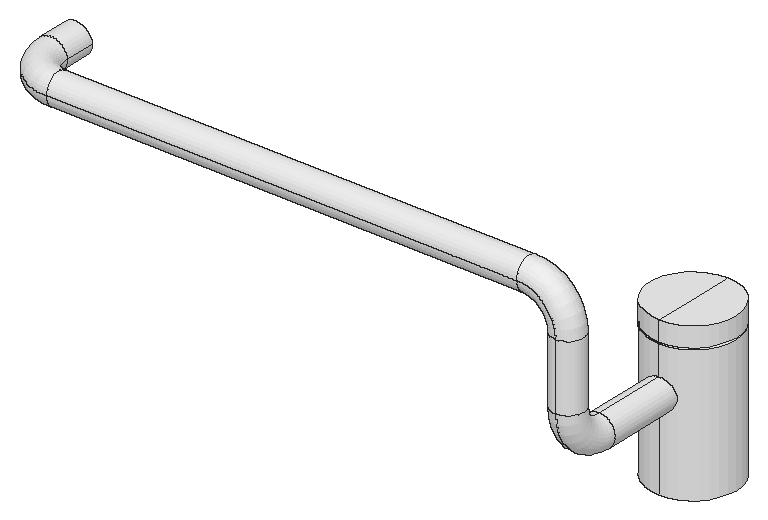
Revit family "Toilet Roll Holder-Single-Caroma Titan", category Specialty Equipment, host Face, Revit 2013
Parameters (values of type "Standard")
  URL = "http://www.caroma.com.au/"
  Type Comments = "Caroma Titan Toilet Roll Holder"  # constant formula
  Model = "99013SS"  # constant formula
  Material_ANZRS = Metal-Chrome-Caroma
  Manufacturer = "GWA Bathrooms & Kitchens"  # constant formula
  Length_ANZRS = 155 mm  # constant formula
  Description = ""
  Default Elevation = 500 mm
  CreatedBy_ANZRS = "Design Content"  # constant formula
  CreatedByURL_ANZRS = "www.designcontent.com.au"
  Cost = 0
  Assembly Code = "C1030200"
Reference planes
  plane 1 "Center (Elevation)": y = 0
  plane 2 "Back": z = 0
  plane 3 "Center (Left/Right)": x = 0
  plane 4 "Left": x = -144
  plane 5 "Right": x = 11
  plane 6 "Top": y = 11
  plane 7 "Bottom": y = -44
  plane 8 "Front": z = 64
  plane 9 "Plane 1": y = -40
  plane 10 "Plane 2": z = 60
Forms (mm)
  Revolve 1, solid, material "Metal-Chrome-Caroma" <- "Material_ANZRS"
    sketch origin (0, 0, 0) x (0, 1, 0) y (0, 0, 1)
      loop
        line (0, 0) -> (11, 0) -> (11, 34.5) -> (8.649, 34.5) -> (8.649, 36.5) -> (0, 36.5) -> (0, 0)
      axis (0, 36.5) -> (0, 0)
    angle from 0 to 360
  Revolve 2, solid, material "Metal-Chrome-Caroma" <- "Material_ANZRS"
    sketch origin (0, 0, 0) x (0, 1, 0) y (0, 0, 1)
      loop
        line (11, 40) -> (0, 40) -> (0, 35) -> (11, 35) -> (11, 40)
      axis (0, 40) -> (0, 35)
    angle from 0 to 360
  Sweep 3, solid, material "Metal-Chrome-Caroma" <- "Material_ANZRS"
    path in 3D
      loop
        line (0, 0, 23) -> (0, -30, 23)
        arc (0, -30, 23) -> (0, -37.071, 25.929) -> (0, -40, 33) r 10
        line (0, -40, 33) -> (0, -40, 50)
        arc (0, -40, 50) -> (-2.929, -40, 57.071) -> (-10, -40, 60) r 10
        line (-10, -40, 60) -> (-130, -40, 60)
        arc (-130, -40, 60) -> (-137.071, -37.071, 60) -> (-140, -30, 60) r 10
        line (-140, -30, 60) -> (-140, -22, 60)
    profile origin (0, -15, 23) x (0, 0, -1) y (1, 0, 0)
      loop
        circle (0, 0) r 4
Cuts and joins
  joined: Revolve 1, Revolve 2, Sweep 3
Lines and regions (mm)
  model lines
    curve 1: line (0, 0, 23) -> (0, -30, 23)
    curve 2: line (0, -40, 33) -> (0, -40, 50)
    curve 3: arc (0, -30, 23) -> (0, -37.071, 25.929) -> (0, -40, 33) r 10
    curve 4: line (-9.993, -40, 60) -> (-130, -40, 60)
    curve 5: arc (0, -40, 50) -> (-2.929, -40, 57.071) -> (-10, -40, 60) r 10
    curve 6: arc (-130, -40, 60) -> (-137.071, -37.071, 60) -> (-140, -30, 60) r 10
    curve 7: line (-140, -30, 60) -> (-140, -22, 60)
  sketch lines
    curve 8: line (0, 0, 23) -> (0, -30, 23)
    curve 9: arc (0, -30, 23) -> (0, -37.071, 25.929) -> (0, -40, 33) r 10
    curve 10: line (0, -40, 33) -> (0, -40, 50)
    curve 11: arc (0, -40, 50) -> (-2.929, -40, 57.071) -> (-10, -40, 60) r 10
    curve 12: line (-9.993, -40, 60) -> (-130, -40, 60)
    curve 13: arc (-130, -40, 60) -> (-137.071, -37.071, 60) -> (-140, -30, 60) r 10
    curve 14: line (-140, -30, 60) -> (-140, -22, 60)
Dimensions and locks
  plane 8 "Front" to level = 64 mm
  aligned and locked: plane 2 "Back" to host face
  aligned and locked: level to host face
